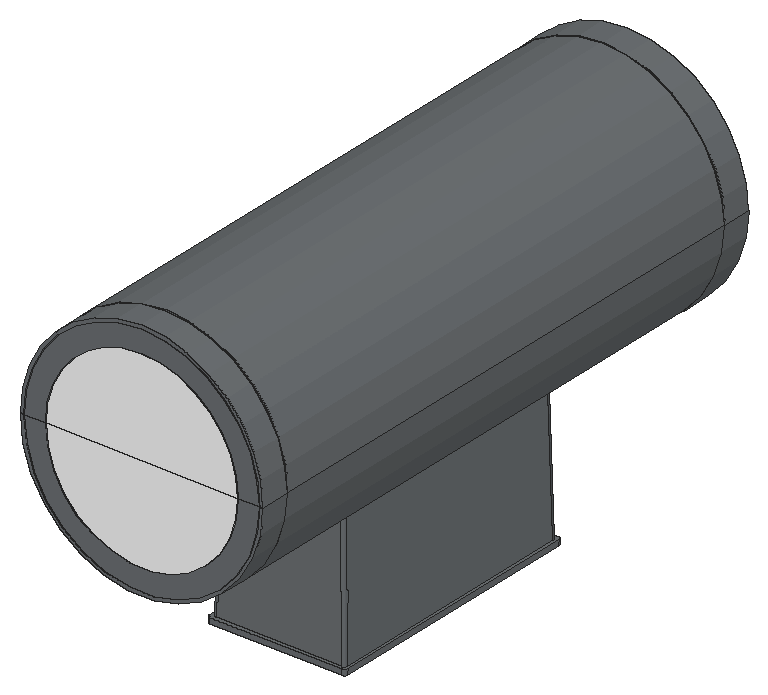
Revit family "Thorn CESAR AMP WALL", category Lighting Fixtures, host Face, Revit 2023 (continued)
Types (120, lengths in mm): name | Wattage | Up and Down | URL | Type Light Source Up | Type Light Source Down | Type Image | Model | Material | Luminaire Width | Luminaire Length | Luminaire Height | Housing S | Housing M | Housing L | E | D | Apparent Load
  CESAR AMP S DWN 1L930WB HF WH | 8.8 W | no | "https://www.thornlighting.com/96700042" | Thorn-Light Source-Cesar-Amp-Wall : CESAR AMP S DWN 1L930WB HF WH_photometric_data | Thorn-Light Source-Cesar-Amp-Wall : CESAR AMP S DWN 1L930WB HF WH_photometric_data | TLG_CESA_F_AMP_DWN_WB_WH.jpg | "96700042" | Thorn-Aluminium-RAL 9016-Traffic White | 90 | 145 | 250 | yes | no | no | 12 | 45 | 8.8 VA
  CESAR AMP S DWN 1L930WB RD ANT | 8.8 W | no | "https://www.thornlighting.com/96701197" | Thorn-Light Source-Cesar-Amp-Wall : CESAR AMP S DWN 1L930WB RD ANT_photometric_data | Thorn-Light Source-Cesar-Amp-Wall : CESAR AMP S DWN 1L930WB RD ANT_photometric_data | TLG_CESA_F_AMP_DWN_WB_ANT_DarkSkyApproved.jpg | "96701197" | Thorn-Aluminium-RAL 7016-Anthracite Grey | 90 | 145 | 250 | yes | no | no | 12 | 45 | 8.8 VA
  CESAR AMP S DWN 1L930WB RD BK | 8.8 W | no | "https://www.thornlighting.com/96701195" | Thorn-Light Source-Cesar-Amp-Wall : CESAR AMP S DWN 1L930WB RD BK_photometric_data | Thorn-Light Source-Cesar-Amp-Wall : CESAR AMP S DWN 1L930WB RD BK_photometric_data | TLG_CESA_F_AMP_DWN_WB_BK.jpg | "96701195" | Thorn-Aluminium-RAL 9005-Jet Black | 90 | 145 | 250 | yes | no | no | 12 | 45 | 8.8 VA
  CESAR AMP S DWN 1L930WB RD GY | 8.8 W | no | "https://www.thornlighting.com/96701196" | Thorn-Light Source-Cesar-Amp-Wall : CESAR AMP S DWN 1L930WB RD GY_photometric_data | Thorn-Light Source-Cesar-Amp-Wall : CESAR AMP S DWN 1L930WB RD GY_photometric_data | TLG_CESA_F_AMP_DWN_WB_GY.jpg | "96701196" | Thorn-Aluminium-RAL 9006-White Aluminium | 90 | 145 | 250 | yes | no | no | 12 | 45 | 8.8 VA
  CESAR AMP S DWN 1L930WB RD WH | 8.8 W | no | "https://www.thornlighting.com/96701194" | Thorn-Light Source-Cesar-Amp-Wall : CESAR AMP S DWN 1L930WB RD WH_photometric_data | Thorn-Light Source-Cesar-Amp-Wall : CESAR AMP S DWN 1L930WB RD WH_photometric_data | TLG_CESA_F_AMP_DWN_WB_WH.jpg | "96701194" | Thorn-Aluminium-RAL 9016-Traffic White | 90 | 145 | 250 | yes | no | no | 12 | 45 | 8.8 VA
  CESAR AMP S DWN 1L940WB HF ANT | 8.8 W | no | "https://www.thornlighting.com/96700041" | Thorn-Light Source-Cesar-Amp-Wall : CESAR AMP S DWN 1L940WB HF ANT_photometric_data | Thorn-Light Source-Cesar-Amp-Wall : CESAR AMP S DWN 1L940WB HF ANT_photometric_data | TLG_CESA_F_AMP_DWN_WB_ANT.jpg | "96700041" | Thorn-Aluminium-RAL 7016-Anthracite Grey | 90 | 145 | 250 | yes | no | no | 12 | 45 | 8.8 VA
  CESAR AMP S DWN 1L940WB HF BK | 8.8 W | no | "https://www.thornlighting.com/96700039" | Thorn-Light Source-Cesar-Amp-Wall : CESAR AMP S DWN 1L940WB HF BK_photometric_data | Thorn-Light Source-Cesar-Amp-Wall : CESAR AMP S DWN 1L940WB HF BK_photometric_data | TLG_CESA_F_AMP_DWN_WB_BK.jpg | "96700039" | Thorn-Aluminium-RAL 9005-Jet Black | 90 | 145 | 250 | yes | no | no | 12 | 45 | 8.8 VA
  CESAR AMP S DWN 1L940WB HF GY | 8.8 W | no | "https://www.thornlighting.com/96700040" | Thorn-Light Source-Cesar-Amp-Wall : CESAR AMP S DWN 1L940WB HF GY_photometric_data | Thorn-Light Source-Cesar-Amp-Wall : CESAR AMP S DWN 1L940WB HF GY_photometric_data | TLG_CESA_F_AMP_DWN_WB_GY.jpg | "96700040" | Thorn-Aluminium-RAL 9006-White Aluminium | 90 | 145 | 250 | yes | no | no | 12 | 45 | 8.8 VA
  CESAR AMP S DWN 1L940WB HF WH | 8.8 W | no | "https://www.thornlighting.com/96700038" | Thorn-Light Source-Cesar-Amp-Wall : CESAR AMP S DWN 1L940WB HF WH_photometric_data | Thorn-Light Source-Cesar-Amp-Wall : CESAR AMP S DWN 1L940WB HF WH_photometric_data | TLG_CESA_F_AMP_DWN_WB_WH.jpg | "96700038" | Thorn-Aluminium-RAL 9016-Traffic White | 90 | 145 | 250 | yes | no | no | 12 | 45 | 8.8 VA
  CESAR AMP S DWN 1L940WB RD ANT | 8.8 W | no | "https://www.thornlighting.com/96701193" | Thorn-Light Source-Cesar-Amp-Wall : CESAR AMP S DWN 1L940WB RD ANT_photometric_data | Thorn-Light Source-Cesar-Amp-Wall : CESAR AMP S DWN 1L940WB RD ANT_photometric_data | TLG_CESA_F_AMP_DWN_WB_ANT.jpg | "96701193" | Thorn-Aluminium-RAL 7016-Anthracite Grey | 90 | 145 | 250 | yes | no | no | 12 | 45 | 8.8 VA
  CESAR AMP S DWN 1L940WB RD BK | 8.8 W | no | "https://www.thornlighting.com/96701191" | Thorn-Light Source-Cesar-Amp-Wall : CESAR AMP S DWN 1L940WB RD BK_photometric_data | Thorn-Light Source-Cesar-Amp-Wall : CESAR AMP S DWN 1L940WB RD BK_photometric_data | TLG_CESA_F_AMP_DWN_WB_BK.jpg | "96701191" | Thorn-Aluminium-RAL 9005-Jet Black | 90 | 145 | 250 | yes | no | no | 12 | 45 | 8.8 VA
  CESAR AMP S DWN 1L940WB RD GY | 8.8 W | no | "https://www.thornlighting.com/96701192" | Thorn-Light Source-Cesar-Amp-Wall : CESAR AMP S DWN 1L940WB RD GY_photometric_data | Thorn-Light Source-Cesar-Amp-Wall : CESAR AMP S DWN 1L940WB RD GY_photometric_data | TLG_CESA_F_AMP_DWN_WB_GY.jpg | "96701192" | Thorn-Aluminium-RAL 9006-White Aluminium | 90 | 145 | 250 | yes | no | no | 12 | 45 | 8.8 VA
  CESAR AMP S DWN 1L940WB RD WH | 8.8 W | no | "https://www.thornlighting.com/96701190" | Thorn-Light Source-Cesar-Amp-Wall : CESAR AMP S DWN 1L940WB RD WH_photometric_data | Thorn-Light Source-Cesar-Amp-Wall : CESAR AMP S DWN 1L940WB RD WH_photometric_data | TLG_CESA_F_AMP_DWN_WB_WH.jpg | "96701190" | Thorn-Aluminium-RAL 9016-Traffic White | 90 | 145 | 250 | yes | no | no | 12 | 45 | 8.8 VA
  CESAR AMP S U/D 2L927WB HF ANT | 15.3 W | yes | "https://www.thornlighting.com/96700049" | Thorn-Light Source-Cesar-Amp-Wall : CESAR AMP S U/D 2L927WB HF ANT_photometric_data_UP | Thorn-Light Source-Cesar-Amp-Wall : CESAR AMP S U/D 2L927WB HF ANT_photometric_data_DOWN | TLG_CESA_F_AMP_UD_WB_ANT.jpg | "96700049" | Thorn-Aluminium-RAL 7016-Anthracite Grey | 90 | 145 | 250 | yes | no | no | 12 | 45 | 15.3 VA
  CESAR AMP S U/D 2L927WB HF BK | 15.3 W | yes | "https://www.thornlighting.com/96700047" | Thorn-Light Source-Cesar-Amp-Wall : CESAR AMP S U/D 2L927WB HF BK_photometric_data_UP | Thorn-Light Source-Cesar-Amp-Wall : CESAR AMP S U/D 2L927WB HF BK_photometric_data_DOWN | TLG_CESA_F_AMP_UD_WB_BK.jpg | "96700047" | Thorn-Aluminium-RAL 9005-Jet Black | 90 | 145 | 250 | yes | no | no | 12 | 45 | 15.3 VA
  CESAR AMP S U/D 2L927WB HF GY | 15.3 W | yes | "https://www.thornlighting.com/96700048" | Thorn-Light Source-Cesar-Amp-Wall : CESAR AMP S U/D 2L927WB HF GY_photometric_data_UP | Thorn-Light Source-Cesar-Amp-Wall : CESAR AMP S U/D 2L927WB HF GY_photometric_data_DOWN | TLG_CESA_F_AMP_UD_WB_GY.jpg | "96700048" | Thorn-Aluminium-RAL 9006-White Aluminium | 90 | 145 | 250 | yes | no | no | 12 | 45 | 15.3 VA
  CESAR AMP S U/D 2L927WB HF WH | 15.3 W | yes | "https://www.thornlighting.com/96700046" | Thorn-Light Source-Cesar-Amp-Wall : CESAR AMP S U/D 2L927WB HF WH_photometric_data_UP | Thorn-Light Source-Cesar-Amp-Wall : CESAR AMP S U/D 2L927WB HF WH_photometric_data_DOWN | TLG_CESA_F_AMP_UD_WB_WH.jpg | "96700046" | Thorn-Aluminium-RAL 9016-Traffic White | 90 | 145 | 250 | yes | no | no | 12 | 45 | 15.3 VA
  CESAR AMP S U/D 2L927WB RD ANT | 15.3 W | yes | "https://www.thornlighting.com/96701201" | Thorn-Light Source-Cesar-Amp-Wall : CESAR AMP S U/D 2L927WB RD ANT_photometric_data_UP | Thorn-Light Source-Cesar-Amp-Wall : CESAR AMP S U/D 2L927WB RD ANT_photometric_data_DOWN | TLG_CESA_F_AMP_UD_WB_ANT.jpg | "96701201" | Thorn-Aluminium-RAL 7016-Anthracite Grey | 90 | 145 | 250 | yes | no | no | 12 | 45 | 15.3 VA
  CESAR AMP S U/D 2L927WB RD BK | 15.3 W | yes | "https://www.thornlighting.com/96701199" | Thorn-Light Source-Cesar-Amp-Wall : CESAR AMP S U/D 2L927WB RD BK_photometric_data_UP | Thorn-Light Source-Cesar-Amp-Wall : CESAR AMP S U/D 2L927WB RD BK_photometric_data_DOWN | TLG_CESA_F_AMP_UD_WB_BK.jpg | "96701199" | Thorn-Aluminium-RAL 9005-Jet Black | 90 | 145 | 250 | yes | no | no | 12 | 45 | 15.3 VA
  CESAR AMP S U/D 2L927WB RD GY | 15.3 W | yes | "https://www.thornlighting.com/96701200" | Thorn-Light Source-Cesar-Amp-Wall : CESAR AMP S U/D 2L927WB RD GY_photometric_data_UP | Thorn-Light Source-Cesar-Amp-Wall : CESAR AMP S U/D 2L927WB RD GY_photometric_data_DOWN | TLG_CESA_F_AMP_UD_WB_GY.jpg | "96701200" | Thorn-Aluminium-RAL 9006-White Aluminium | 90 | 145 | 250 | yes | no | no | 12 | 45 | 15.3 VA
  CESAR AMP S U/D 2L927WB RD WH | 15.3 W | yes | "https://www.thornlighting.com/96701198" | Thorn-Light Source-Cesar-Amp-Wall : CESAR AMP S U/D 2L927WB RD WH_photometric_data_UP | Thorn-Light Source-Cesar-Amp-Wall : CESAR AMP S U/D 2L927WB RD WH_photometric_data_DOWN | TLG_CESA_F_AMP_UD_WB_WH.jpg | "96701198" | Thorn-Aluminium-RAL 9016-Traffic White | 90 | 145 | 250 | yes | no | no | 12 | 45 | 15.3 VA
  CESAR AMP S U/D 2L930WB HF ANT | 15.3 W | yes | "https://www.thornlighting.com/96700057" | Thorn-Light Source-Cesar-Amp-Wall : CESAR AMP S U/D 2L930WB HF ANT_photometric_data_UP | Thorn-Light Source-Cesar-Amp-Wall : CESAR AMP S U/D 2L930WB HF ANT_photometric_data_DOWN | TLG_CESA_F_AMP_UD_WB_ANT.jpg | "96700057" | Thorn-Aluminium-RAL 7016-Anthracite Grey | 90 | 145 | 250 | yes | no | no | 12 | 45 | 15.3 VA
  CESAR AMP S U/D 2L930WB HF BK | 15.3 W | yes | "https://www.thornlighting.com/96700055" | Thorn-Light Source-Cesar-Amp-Wall : CESAR AMP S U/D 2L930WB HF BK_photometric_data_UP | Thorn-Light Source-Cesar-Amp-Wall : CESAR AMP S U/D 2L930WB HF BK_photometric_data_DOWN | TLG_CESA_F_AMP_UD_WB_BK.jpg | "96700055" | Thorn-Aluminium-RAL 9005-Jet Black | 90 | 145 | 250 | yes | no | no | 12 | 45 | 15.3 VA
  CESAR AMP S U/D 2L930WB HF GY | 15.3 W | yes | "https://www.thornlighting.com/96700056" | Thorn-Light Source-Cesar-Amp-Wall : CESAR AMP S U/D 2L930WB HF GY_photometric_data_UP | Thorn-Light Source-Cesar-Amp-Wall : CESAR AMP S U/D 2L930WB HF GY_photometric_data_DOWN | TLG_CESA_F_AMP_UD_WB_GY.jpg | "96700056" | Thorn-Aluminium-RAL 9006-White Aluminium | 90 | 145 | 250 | yes | no | no | 12 | 45 | 15.3 VA
  CESAR AMP S U/D 2L930WB HF WH | 15.3 W | yes | "https://www.thornlighting.com/96700054" | Thorn-Light Source-Cesar-Amp-Wall : CESAR AMP S U/D 2L930WB HF WH_photometric_data_UP | Thorn-Light Source-Cesar-Amp-Wall : CESAR AMP S U/D 2L930WB HF WH_photometric_data_DOWN | TLG_CESA_F_AMP_UD_WB_WH.jpg | "96700054" | Thorn-Aluminium-RAL 9016-Traffic White | 90 | 145 | 250 | yes | no | no | 12 | 45 | 15.3 VA
  CESAR AMP S U/D 2L930WB RD ANT | 15.3 W | yes | "https://www.thornlighting.com/96701209" | Thorn-Light Source-Cesar-Amp-Wall : CESAR AMP S U/D 2L930WB RD ANT_photometric_data_UP | Thorn-Light Source-Cesar-Amp-Wall : CESAR AMP S U/D 2L930WB RD ANT_photometric_data_DOWN | TLG_CESA_F_AMP_UD_WB_ANT.jpg | "96701209" | Thorn-Aluminium-RAL 7016-Anthracite Grey | 90 | 145 | 250 | yes | no | no | 12 | 45 | 15.3 VA
  CESAR AMP S U/D 2L930WB RD BK | 15.3 W | yes | "https://www.thornlighting.com/96701207" | Thorn-Light Source-Cesar-Amp-Wall : CESAR AMP S U/D 2L930WB RD BK_photometric_data_UP | Thorn-Light Source-Cesar-Amp-Wall : CESAR AMP S U/D 2L930WB RD BK_photometric_data_DOWN | TLG_CESA_F_AMP_UD_WB_BK.jpg | "96701207" | Thorn-Aluminium-RAL 9005-Jet Black | 90 | 145 | 250 | yes | no | no | 12 | 45 | 15.3 VA
  CESAR AMP S U/D 2L930WB RD GY | 15.3 W | yes | "https://www.thornlighting.com/96701208" | Thorn-Light Source-Cesar-Amp-Wall : CESAR AMP S U/D 2L930WB RD GY_photometric_data_UP | Thorn-Light Source-Cesar-Amp-Wall : CESAR AMP S U/D 2L930WB RD GY_photometric_data_DOWN | TLG_CESA_F_AMP_UD_WB_GY.jpg | "96701208" | Thorn-Aluminium-RAL 9006-White Aluminium | 90 | 145 | 250 | yes | no | no | 12 | 45 | 15.3 VA
  CESAR AMP S U/D 2L930WB RD WH | 15.3 W | yes | "https://www.thornlighting.com/96701206" | Thorn-Light Source-Cesar-Amp-Wall : CESAR AMP S U/D 2L930WB RD WH_photometric_data_UP | Thorn-Light Source-Cesar-Amp-Wall : CESAR AMP S U/D 2L930WB RD WH_photometric_data_DOWN | TLG_CESA_F_AMP_UD_WB_WH.jpg | "96701206" | Thorn-Aluminium-RAL 9016-Traffic White | 90 | 145 | 250 | yes | no | no | 12 | 45 | 15.3 VA
  CESAR AMP S U/D 2L940WB HF ANT | 15.3 W | yes | "https://www.thornlighting.com/96700053" | Thorn-Light Source-Cesar-Amp-Wall : CESAR AMP S U/D 2L940WB HF ANT_photometric_data_UP | Thorn-Light Source-Cesar-Amp-Wall : CESAR AMP S U/D 2L940WB HF ANT_photometric_data_DOWN | TLG_CESA_F_AMP_UD_WB_ANT.jpg | "96700053" | Thorn-Aluminium-RAL 7016-Anthracite Grey | 90 | 145 | 250 | yes | no | no | 12 | 45 | 15.3 VA
  CESAR AMP S U/D 2L940WB HF BK | 15.3 W | yes | "https://www.thornlighting.com/96700051" | Thorn-Light Source-Cesar-Amp-Wall : CESAR AMP S U/D 2L940WB HF BK_photometric_data_UP | Thorn-Light Source-Cesar-Amp-Wall : CESAR AMP S U/D 2L940WB HF BK_photometric_data_DOWN | TLG_CESA_F_AMP_UD_WB_BK.jpg | "96700051" | Thorn-Aluminium-RAL 9005-Jet Black | 90 | 145 | 250 | yes | no | no | 12 | 45 | 15.3 VA
  CESAR AMP S U/D 2L940WB HF GY | 15.3 W | yes | "https://www.thornlighting.com/96700052" | Thorn-Light Source-Cesar-Amp-Wall : CESAR AMP S U/D 2L940WB HF GY_photometric_data_UP | Thorn-Light Source-Cesar-Amp-Wall : CESAR AMP S U/D 2L940WB HF GY_photometric_data_DOWN | TLG_CESA_F_AMP_UD_WB_GY.jpg | "96700052" | Thorn-Aluminium-RAL 9006-White Aluminium | 90 | 145 | 250 | yes | no | no | 12 | 45 | 15.3 VA
  CESAR AMP S U/D 2L940WB HF WH | 15.3 W | yes | "https://www.thornlighting.com/96700050" | Thorn-Light Source-Cesar-Amp-Wall : CESAR AMP S U/D 2L940WB HF WH_photometric_data_UP | Thorn-Light Source-Cesar-Amp-Wall : CESAR AMP S U/D 2L940WB HF WH_photometric_data_DOWN | TLG_CESA_F_AMP_UD_WB_WH.jpg | "96700050" | Thorn-Aluminium-RAL 9016-Traffic White | 90 | 145 | 250 | yes | no | no | 12 | 45 | 15.3 VA
  CESAR AMP S U/D 2L940WB RD ANT | 15.3 W | yes | "https://www.thornlighting.com/96701205" | Thorn-Light Source-Cesar-Amp-Wall : CESAR AMP S U/D 2L940WB RD ANT_photometric_data_UP | Thorn-Light Source-Cesar-Amp-Wall : CESAR AMP S U/D 2L940WB RD ANT_photometric_data_DOWN | TLG_CESA_F_AMP_UD_WB_ANT.jpg | "96701205" | Thorn-Aluminium-RAL 7016-Anthracite Grey | 90 | 145 | 250 | yes | no | no | 12 | 45 | 15.3 VA
  CESAR AMP S U/D 2L940WB RD BK | 15.3 W | yes | "https://www.thornlighting.com/96701203" | Thorn-Light Source-Cesar-Amp-Wall : CESAR AMP S U/D 2L940WB RD BK_photometric_data_UP | Thorn-Light Source-Cesar-Amp-Wall : CESAR AMP S U/D 2L940WB RD BK_photometric_data_DOWN | TLG_CESA_F_AMP_UD_WB_BK.jpg | "96701203" | Thorn-Aluminium-RAL 9005-Jet Black | 90 | 145 | 250 | yes | no | no | 12 | 45 | 15.3 VA
  CESAR AMP S U/D 2L940WB RD GY | 15.3 W | yes | "https://www.thornlighting.com/96701204" | Thorn-Light Source-Cesar-Amp-Wall : CESAR AMP S U/D 2L940WB RD GY_photometric_data_UP | Thorn-Light Source-Cesar-Amp-Wall : CESAR AMP S U/D 2L940WB RD GY_photometric_data_DOWN | TLG_CESA_F_AMP_UD_WB_GY.jpg | "96701204" | Thorn-Aluminium-RAL 9006-White Aluminium | 90 | 145 | 250 | yes | no | no | 12 | 45 | 15.3 VA
  CESAR AMP S U/D 2L940WB RD WH | 15.3 W | yes | "https://www.thornlighting.com/96701202" | Thorn-Light Source-Cesar-Amp-Wall : CESAR AMP S U/D 2L940WB RD WH_photometric_data_UP | Thorn-Light Source-Cesar-Amp-Wall : CESAR AMP S U/D 2L940WB RD WH_photometric_data_DOWN | TLG_CESA_F_AMP_UD_WB_WH.jpg | "96701202" | Thorn-Aluminium-RAL 9016-Traffic White | 90 | 145 | 250 | yes | no | no | 12 | 45 | 15.3 VA
  CESAR AMP M DWN 1L927MB HF ANT | 18.6 W | no | "https://www.thornlighting.com/96700073" | Thorn-Light Source-Cesar-Amp-Wall : CESAR AMP M DWN 1L927MB HF ANT_photometric_data | Thorn-Light Source-Cesar-Amp-Wall : CESAR AMP M DWN 1L927MB HF ANT_photometric_data | TLG_CESA_F_AMP_DWN_WB_ANT.jpg | "96700073" | Thorn-Aluminium-RAL 7016-Anthracite Grey | 140 | 210 | 350 | no | yes | no | 17 | 70 | 18.6 VA
  CESAR AMP M DWN 1L927MB HF BK | 18.6 W | no | "https://www.thornlighting.com/96700071" | Thorn-Light Source-Cesar-Amp-Wall : CESAR AMP M DWN 1L927MB HF BK_photometric_data | Thorn-Light Source-Cesar-Amp-Wall : CESAR AMP M DWN 1L927MB HF BK_photometric_data | TLG_CESA_F_AMP_DWN_WB_BK.jpg | "96700071" | Thorn-Aluminium-RAL 9005-Jet Black | 140 | 210 | 350 | no | yes | no | 17 | 70 | 18.6 VA
  CESAR AMP M DWN 1L927MB HF GY | 18.6 W | no | "https://www.thornlighting.com/96700072" | Thorn-Light Source-Cesar-Amp-Wall : CESAR AMP M DWN 1L927MB HF GY_photometric_data | Thorn-Light Source-Cesar-Amp-Wall : CESAR AMP M DWN 1L927MB HF GY_photometric_data | TLG_CESA_F_AMP_DWN_WB_GY.jpg | "96700072" | Thorn-Aluminium-RAL 9006-White Aluminium | 140 | 210 | 350 | no | yes | no | 17 | 70 | 18.6 VA
  CESAR AMP M DWN 1L927MB HF WH | 18.6 W | no | "https://www.thornlighting.com/96700070" | Thorn-Light Source-Cesar-Amp-Wall : CESAR AMP M DWN 1L927MB HF WH_photometric_data | Thorn-Light Source-Cesar-Amp-Wall : CESAR AMP M DWN 1L927MB HF WH_photometric_data | TLG_CESA_F_AMP_DWN_WB_WH.jpg | "96700070" | Thorn-Aluminium-RAL 9016-Traffic White | 140 | 210 | 350 | no | yes | no | 17 | 70 | 18.6 VA
  CESAR AMP M DWN 1L927MB RD ANT | 18.6 W | no | "https://www.thornlighting.com/96701225" | Thorn-Light Source-Cesar-Amp-Wall : CESAR AMP M DWN 1L927MB RD ANT_photometric_data | Thorn-Light Source-Cesar-Amp-Wall : CESAR AMP M DWN 1L927MB RD ANT_photometric_data | TLG_CESA_F_AMP_DWN_WB_ANT_DarkSkyApproved.jpg | "96701225" | Thorn-Aluminium-RAL 7016-Anthracite Grey | 140 | 210 | 350 | no | yes | no | 17 | 70 | 18.6 VA
  CESAR AMP M DWN 1L927MB RD BK | 18.6 W | no | "https://www.thornlighting.com/96701223" | Thorn-Light Source-Cesar-Amp-Wall : CESAR AMP M DWN 1L927MB RD BK_photometric_data | Thorn-Light Source-Cesar-Amp-Wall : CESAR AMP M DWN 1L927MB RD BK_photometric_data | TLG_CESA_F_AMP_DWN_WB_BK.jpg | "96701223" | Thorn-Aluminium-RAL 9005-Jet Black | 140 | 210 | 350 | no | yes | no | 17 | 70 | 18.6 VA
  CESAR AMP M DWN 1L927MB RD GY | 18.6 W | no | "https://www.thornlighting.com/96701224" | Thorn-Light Source-Cesar-Amp-Wall : CESAR AMP M DWN 1L927MB RD GY_photometric_data | Thorn-Light Source-Cesar-Amp-Wall : CESAR AMP M DWN 1L927MB RD GY_photometric_data | TLG_CESA_F_AMP_DWN_WB_GY.jpg | "96701224" | Thorn-Aluminium-RAL 9006-White Aluminium | 140 | 210 | 350 | no | yes | no | 17 | 70 | 18.6 VA
  CESAR AMP M DWN 1L927MB RD WH | 18.6 W | no | "https://www.thornlighting.com/96701222" | Thorn-Light Source-Cesar-Amp-Wall : CESAR AMP M DWN 1L927MB RD WH_photometric_data | Thorn-Light Source-Cesar-Amp-Wall : CESAR AMP M DWN 1L927MB RD WH_photometric_data | TLG_CESA_F_AMP_DWN_WB_WH.jpg | "96701222" | Thorn-Aluminium-RAL 9016-Traffic White | 140 | 210 | 350 | no | yes | no | 17 | 70 | 18.6 VA
  CESAR AMP M DWN 1L930MB HF ANT | 18.6 W | no | "https://www.thornlighting.com/96700081" | Thorn-Light Source-Cesar-Amp-Wall : CESAR AMP M DWN 1L930MB HF ANT_photometric_data | Thorn-Light Source-Cesar-Amp-Wall : CESAR AMP M DWN 1L930MB HF ANT_photometric_data | TLG_CESA_F_AMP_DWN_WB_ANT.jpg | "96700081" | Thorn-Aluminium-RAL 7016-Anthracite Grey | 140 | 210 | 350 | no | yes | no | 17 | 70 | 18.6 VA
  CESAR AMP M DWN 1L930MB HF BK | 18.6 W | no | "https://www.thornlighting.com/96700079" | Thorn-Light Source-Cesar-Amp-Wall : CESAR AMP M DWN 1L930MB HF BK_photometric_data | Thorn-Light Source-Cesar-Amp-Wall : CESAR AMP M DWN 1L930MB HF BK_photometric_data | TLG_CESA_F_AMP_DWN_WB_BK.jpg | "96700079" | Thorn-Aluminium-RAL 9005-Jet Black | 140 | 210 | 350 | no | yes | no | 17 | 70 | 18.6 VA
  CESAR AMP M DWN 1L930MB HF GY | 18.6 W | no | "https://www.thornlighting.com/96700080" | Thorn-Light Source-Cesar-Amp-Wall : CESAR AMP M DWN 1L930MB HF GY_photometric_data | Thorn-Light Source-Cesar-Amp-Wall : CESAR AMP M DWN 1L930MB HF GY_photometric_data | TLG_CESA_F_AMP_DWN_WB_GY.jpg | "96700080" | Thorn-Aluminium-RAL 9006-White Aluminium | 140 | 210 | 350 | no | yes | no | 17 | 70 | 18.6 VA
  CESAR AMP M DWN 1L930MB HF WH | 18.6 W | no | "https://www.thornlighting.com/96700078" | Thorn-Light Source-Cesar-Amp-Wall : CESAR AMP M DWN 1L930MB HF WH_photometric_data | Thorn-Light Source-Cesar-Amp-Wall : CESAR AMP M DWN 1L930MB HF WH_photometric_data | TLG_CESA_F_AMP_DWN_WB_WH.jpg | "96700078" | Thorn-Aluminium-RAL 9016-Traffic White | 140 | 210 | 350 | no | yes | no | 17 | 70 | 18.6 VA
  CESAR AMP M DWN 1L930MB RD ANT | 18.6 W | no | "https://www.thornlighting.com/96701233" | Thorn-Light Source-Cesar-Amp-Wall : CESAR AMP M DWN 1L930MB RD ANT_photometric_data | Thorn-Light Source-Cesar-Amp-Wall : CESAR AMP M DWN 1L930MB RD ANT_photometric_data | TLG_CESA_F_AMP_DWN_WB_ANT.jpg | "96701233" | Thorn-Aluminium-RAL 7016-Anthracite Grey | 140 | 210 | 350 | no | yes | no | 17 | 70 | 18.6 VA
  CESAR AMP M DWN 1L930MB RD BK | 18.6 W | no | "https://www.thornlighting.com/96701231" | Thorn-Light Source-Cesar-Amp-Wall : CESAR AMP M DWN 1L930MB RD BK_photometric_data | Thorn-Light Source-Cesar-Amp-Wall : CESAR AMP M DWN 1L930MB RD BK_photometric_data | TLG_CESA_F_AMP_DWN_WB_BK.jpg | "96701231" | Thorn-Aluminium-RAL 9005-Jet Black | 140 | 210 | 350 | no | yes | no | 17 | 70 | 18.6 VA
  CESAR AMP M DWN 1L930MB RD GY | 18.6 W | no | "https://www.thornlighting.com/96701232" | Thorn-Light Source-Cesar-Amp-Wall : CESAR AMP M DWN 1L930MB RD GY_photometric_data | Thorn-Light Source-Cesar-Amp-Wall : CESAR AMP M DWN 1L930MB RD GY_photometric_data | TLG_CESA_F_AMP_DWN_WB_GY.jpg | "96701232" | Thorn-Aluminium-RAL 9006-White Aluminium | 140 | 210 | 350 | no | yes | no | 17 | 70 | 18.6 VA
  CESAR AMP M DWN 1L930MB RD WH | 18.6 W | no | "https://www.thornlighting.com/96701230" | Thorn-Light Source-Cesar-Amp-Wall : CESAR AMP M DWN 1L930MB RD WH_photometric_data | Thorn-Light Source-Cesar-Amp-Wall : CESAR AMP M DWN 1L930MB RD WH_photometric_data | TLG_CESA_F_AMP_DWN_WB_WH.jpg | "96701230" | Thorn-Aluminium-RAL 9016-Traffic White | 140 | 210 | 350 | no | yes | no | 17 | 70 | 18.6 VA
  CESAR AMP M DWN 1L940MB HF ANT | 18.6 W | no | "https://www.thornlighting.com/96700077" | Thorn-Light Source-Cesar-Amp-Wall : CESAR AMP M DWN 1L940MB HF ANT_photometric_data | Thorn-Light Source-Cesar-Amp-Wall : CESAR AMP M DWN 1L940MB HF ANT_photometric_data | TLG_CESA_F_AMP_DWN_WB_ANT.jpg | "96700077" | Thorn-Aluminium-RAL 7016-Anthracite Grey | 140 | 210 | 350 | no | yes | no | 17 | 70 | 18.6 VA
  CESAR AMP M DWN 1L940MB HF BK | 18.6 W | no | "https://www.thornlighting.com/96700075" | Thorn-Light Source-Cesar-Amp-Wall : CESAR AMP M DWN 1L940MB HF BK_photometric_data | Thorn-Light Source-Cesar-Amp-Wall : CESAR AMP M DWN 1L940MB HF BK_photometric_data | TLG_CESA_F_AMP_DWN_WB_BK.jpg | "96700075" | Thorn-Aluminium-RAL 9005-Jet Black | 140 | 210 | 350 | no | yes | no | 17 | 70 | 18.6 VA
  CESAR AMP M DWN 1L940MB HF GY | 18.6 W | no | "https://www.thornlighting.com/96700076" | Thorn-Light Source-Cesar-Amp-Wall : CESAR AMP M DWN 1L940MB HF GY_photometric_data | Thorn-Light Source-Cesar-Amp-Wall : CESAR AMP M DWN 1L940MB HF GY_photometric_data | TLG_CESA_F_AMP_DWN_WB_GY.jpg | "96700076" | Thorn-Aluminium-RAL 9006-White Aluminium | 140 | 210 | 350 | no | yes | no | 17 | 70 | 18.6 VA
  CESAR AMP M DWN 1L940MB HF WH | 18.6 W | no | "https://www.thornlighting.com/96700074" | Thorn-Light Source-Cesar-Amp-Wall : CESAR AMP M DWN 1L940MB HF WH_photometric_data | Thorn-Light Source-Cesar-Amp-Wall : CESAR AMP M DWN 1L940MB HF WH_photometric_data | TLG_CESA_F_AMP_DWN_WB_WH.jpg | "96700074" | Thorn-Aluminium-RAL 9016-Traffic White | 140 | 210 | 350 | no | yes | no | 17 | 70 | 18.6 VA
  CESAR AMP M DWN 1L940MB RD ANT | 18.6 W | no | "https://www.thornlighting.com/96701229" | Thorn-Light Source-Cesar-Amp-Wall : CESAR AMP M DWN 1L940MB RD ANT_photometric_data | Thorn-Light Source-Cesar-Amp-Wall : CESAR AMP M DWN 1L940MB RD ANT_photometric_data | TLG_CESA_F_AMP_DWN_WB_ANT.jpg | "96701229" | Thorn-Aluminium-RAL 7016-Anthracite Grey | 140 | 210 | 350 | no | yes | no | 17 | 70 | 18.6 VA
  CESAR AMP M DWN 1L940MB RD BK | 18.6 W | no | "https://www.thornlighting.com/96701227" | Thorn-Light Source-Cesar-Amp-Wall : CESAR AMP M DWN 1L940MB RD BK_photometric_data | Thorn-Light Source-Cesar-Amp-Wall : CESAR AMP M DWN 1L940MB RD BK_photometric_data | TLG_CESA_F_AMP_DWN_WB_BK.jpg | "96701227" | Thorn-Aluminium-RAL 9005-Jet Black | 140 | 210 | 350 | no | yes | no | 17 | 70 | 18.6 VA
  CESAR AMP M DWN 1L940MB RD GY | 18.6 W | no | "https://www.thornlighting.com/96701228" | Thorn-Light Source-Cesar-Amp-Wall : CESAR AMP M DWN 1L940MB RD GY_photometric_data | Thorn-Light Source-Cesar-Amp-Wall : CESAR AMP M DWN 1L940MB RD GY_photometric_data | TLG_CESA_F_AMP_DWN_WB_GY.jpg | "96701228" | Thorn-Aluminium-RAL 9006-White Aluminium | 140 | 210 | 350 | no | yes | no | 17 | 70 | 18.6 VA
  CESAR AMP M DWN 1L940MB RD WH | 18.6 W | no | "https://www.thornlighting.com/96701226" | Thorn-Light Source-Cesar-Amp-Wall : CESAR AMP M DWN 1L940MB RD WH_photometric_data | Thorn-Light Source-Cesar-Amp-Wall : CESAR AMP M DWN 1L940MB RD WH_photometric_data | TLG_CESA_F_AMP_DWN_WB_WH.jpg | "96701226" | Thorn-Aluminium-RAL 9016-Traffic White | 140 | 210 | 350 | no | yes | no | 17 | 70 | 18.6 VA
  CESAR AMP M U/D 2L927MB HF ANT | 37 W | yes | "https://www.thornlighting.com/96700085" | Thorn-Light Source-Cesar-Amp-Wall : CESAR AMP M U/D 2L927MB HF ANT_photometric_data_UP | Thorn-Light Source-Cesar-Amp-Wall : CESAR AMP M U/D 2L927MB HF ANT_photometric_data_DOWN | TLG_CESA_F_AMP_UD_WB_ANT.jpg | "96700085" | Thorn-Aluminium-RAL 7016-Anthracite Grey | 140 | 210 | 350 | no | yes | no | 17 | 70 | 37 VA
  CESAR AMP M U/D 2L927MB HF BK | 37 W | yes | "https://www.thornlighting.com/96700083" | Thorn-Light Source-Cesar-Amp-Wall : CESAR AMP M U/D 2L927MB HF BK_photometric_data_UP | Thorn-Light Source-Cesar-Amp-Wall : CESAR AMP M U/D 2L927MB HF BK_photometric_data_DOWN | TLG_CESA_F_AMP_UD_WB_BK.jpg | "96700083" | Thorn-Aluminium-RAL 9005-Jet Black | 140 | 210 | 350 | no | yes | no | 17 | 70 | 37 VA
  CESAR AMP M U/D 2L927MB HF GY | 37 W | yes | "https://www.thornlighting.com/96700084" | Thorn-Light Source-Cesar-Amp-Wall : CESAR AMP M U/D 2L927MB HF GY_photometric_data_UP | Thorn-Light Source-Cesar-Amp-Wall : CESAR AMP M U/D 2L927MB HF GY_photometric_data_DOWN | TLG_CESA_F_AMP_UD_WB_GY.jpg | "96700084" | Thorn-Aluminium-RAL 9006-White Aluminium | 140 | 210 | 350 | no | yes | no | 17 | 70 | 37 VA
  CESAR AMP M U/D 2L927MB HF WH | 37 W | yes | "https://www.thornlighting.com/96700082" | Thorn-Light Source-Cesar-Amp-Wall : CESAR AMP M U/D 2L927MB HF WH_photometric_data_UP | Thorn-Light Source-Cesar-Amp-Wall : CESAR AMP M U/D 2L927MB HF WH_photometric_data_DOWN | TLG_CESA_F_AMP_UD_WB_WH.jpg | "96700082" | Thorn-Aluminium-RAL 9016-Traffic White | 140 | 210 | 350 | no | yes | no | 17 | 70 | 37 VA
  CESAR AMP M U/D 2L927MB RD ANT | 37 W | yes | "https://www.thornlighting.com/96701237" | Thorn-Light Source-Cesar-Amp-Wall : CESAR AMP M U/D 2L927MB RD ANT_photometric_data_UP | Thorn-Light Source-Cesar-Amp-Wall : CESAR AMP M U/D 2L927MB RD ANT_photometric_data_DOWN | TLG_CESA_F_AMP_UD_WB_ANT.jpg | "96701237" | Thorn-Aluminium-RAL 7016-Anthracite Grey | 140 | 210 | 350 | no | yes | no | 17 | 70 | 37 VA
  CESAR AMP M U/D 2L927MB RD BK | 37 W | yes | "https://www.thornlighting.com/96701235" | Thorn-Light Source-Cesar-Amp-Wall : CESAR AMP M U/D 2L927MB RD BK_photometric_data_UP | Thorn-Light Source-Cesar-Amp-Wall : CESAR AMP M U/D 2L927MB RD BK_photometric_data_DOWN | TLG_CESA_F_AMP_UD_WB_BK.jpg | "96701235" | Thorn-Aluminium-RAL 9005-Jet Black | 140 | 210 | 350 | no | yes | no | 17 | 70 | 37 VA
  CESAR AMP M U/D 2L927MB RD GY | 37 W | yes | "https://www.thornlighting.com/96701236" | Thorn-Light Source-Cesar-Amp-Wall : CESAR AMP M U/D 2L927MB RD GY_photometric_data_UP | Thorn-Light Source-Cesar-Amp-Wall : CESAR AMP M U/D 2L927MB RD GY_photometric_data_DOWN | TLG_CESA_F_AMP_UD_WB_GY.jpg | "96701236" | Thorn-Aluminium-RAL 9006-White Aluminium | 140 | 210 | 350 | no | yes | no | 17 | 70 | 37 VA
  CESAR AMP M U/D 2L927MB RD WH | 37 W | yes | "https://www.thornlighting.com/96701234" | Thorn-Light Source-Cesar-Amp-Wall : CESAR AMP M U/D 2L927MB RD WH_photometric_data_UP | Thorn-Light Source-Cesar-Amp-Wall : CESAR AMP M U/D 2L927MB RD WH_photometric_data_DOWN | TLG_CESA_F_AMP_UD_WB_WH.jpg | "96701234" | Thorn-Aluminium-RAL 9016-Traffic White | 140 | 210 | 350 | no | yes | no | 17 | 70 | 37 VA
  CESAR AMP M U/D 2L930MB HF ANT | 37 W | yes | "https://www.thornlighting.com/96700093" | Thorn-Light Source-Cesar-Amp-Wall : CESAR AMP M U/D 2L930MB HF ANT_photometric_data_UP | Thorn-Light Source-Cesar-Amp-Wall : CESAR AMP M U/D 2L930MB HF ANT_photometric_data_DOWN | TLG_CESA_F_AMP_UD_WB_ANT.jpg | "96700093" | Thorn-Aluminium-RAL 7016-Anthracite Grey | 140 | 210 | 350 | no | yes | no | 17 | 70 | 37 VA
  CESAR AMP M U/D 2L930MB HF BK | 37 W | yes | "https://www.thornlighting.com/96700091" | Thorn-Light Source-Cesar-Amp-Wall : CESAR AMP M U/D 2L930MB HF BK_photometric_data_UP | Thorn-Light Source-Cesar-Amp-Wall : CESAR AMP M U/D 2L930MB HF BK_photometric_data_DOWN | TLG_CESA_F_AMP_UD_WB_BK.jpg | "96700091" | Thorn-Aluminium-RAL 9005-Jet Black | 140 | 210 | 350 | no | yes | no | 17 | 70 | 37 VA
  CESAR AMP M U/D 2L930MB HF GY | 37 W | yes | "https://www.thornlighting.com/96700092" | Thorn-Light Source-Cesar-Amp-Wall : CESAR AMP M U/D 2L930MB HF GY_photometric_data_UP | Thorn-Light Source-Cesar-Amp-Wall : CESAR AMP M U/D 2L930MB HF GY_photometric_data_DOWN | TLG_CESA_F_AMP_UD_WB_GY.jpg | "96700092" | Thorn-Aluminium-RAL 9006-White Aluminium | 140 | 210 | 350 | no | yes | no | 17 | 70 | 37 VA
  CESAR AMP M U/D 2L930MB HF WH | 37 W | yes | "https://www.thornlighting.com/96700090" | Thorn-Light Source-Cesar-Amp-Wall : CESAR AMP M U/D 2L930MB HF WH_photometric_data_UP | Thorn-Light Source-Cesar-Amp-Wall : CESAR AMP M U/D 2L930MB HF WH_photometric_data_DOWN | TLG_CESA_F_AMP_UD_WB_WH.jpg | "96700090" | Thorn-Aluminium-RAL 9016-Traffic White | 140 | 210 | 350 | no | yes | no | 17 | 70 | 37 VA
  CESAR AMP M U/D 2L930MB RD ANT | 37 W | yes | "https://www.thornlighting.com/96701245" | Thorn-Light Source-Cesar-Amp-Wall : CESAR AMP M U/D 2L930MB RD ANT_photometric_data_UP | Thorn-Light Source-Cesar-Amp-Wall : CESAR AMP M U/D 2L930MB RD ANT_photometric_data_DOWN | TLG_CESA_F_AMP_UD_WB_ANT.jpg | "96701245" | Thorn-Aluminium-RAL 7016-Anthracite Grey | 140 | 210 | 350 | no | yes | no | 17 | 70 | 37 VA
  CESAR AMP M U/D 2L930MB RD BK | 37 W | yes | "https://www.thornlighting.com/96701243" | Thorn-Light Source-Cesar-Amp-Wall : CESAR AMP M U/D 2L930MB RD BK_photometric_data_UP | Thorn-Light Source-Cesar-Amp-Wall : CESAR AMP M U/D 2L930MB RD BK_photometric_data_DOWN | TLG_CESA_F_AMP_UD_WB_BK.jpg | "96701243" | Thorn-Aluminium-RAL 9005-Jet Black | 140 | 210 | 350 | no | yes | no | 17 | 70 | 37 VA
  CESAR AMP M U/D 2L930MB RD GY | 37 W | yes | "https://www.thornlighting.com/96701244" | Thorn-Light Source-Cesar-Amp-Wall : CESAR AMP M U/D 2L930MB RD GY_photometric_data_UP | Thorn-Light Source-Cesar-Amp-Wall : CESAR AMP M U/D 2L930MB RD GY_photometric_data_DOWN | TLG_CESA_F_AMP_UD_WB_GY.jpg | "96701244" | Thorn-Aluminium-RAL 9006-White Aluminium | 140 | 210 | 350 | no | yes | no | 17 | 70 | 37 VA
  CESAR AMP M U/D 2L930MB RD WH | 37 W | yes | "https://www.thornlighting.com/96701242" | Thorn-Light Source-Cesar-Amp-Wall : CESAR AMP M U/D 2L930MB RD WH_photometric_data_UP | Thorn-Light Source-Cesar-Amp-Wall : CESAR AMP M U/D 2L930MB RD WH_photometric_data_DOWN | TLG_CESA_F_AMP_UD_WB_WH.jpg | "96701242" | Thorn-Aluminium-RAL 9016-Traffic White | 140 | 210 | 350 | no | yes | no | 17 | 70 | 37 VA
  CESAR AMP M U/D 2L940MB HF ANT | 37 W | yes | "https://www.thornlighting.com/96700089" | Thorn-Light Source-Cesar-Amp-Wall : CESAR AMP M U/D 2L940MB HF ANT_photometric_data_UP | Thorn-Light Source-Cesar-Amp-Wall : CESAR AMP M U/D 2L940MB HF ANT_photometric_data_DOWN | TLG_CESA_F_AMP_UD_WB_ANT.jpg | "96700089" | Thorn-Aluminium-RAL 7016-Anthracite Grey | 140 | 210 | 350 | no | yes | no | 17 | 70 | 37 VA
  CESAR AMP M U/D 2L940MB HF BK | 37 W | yes | "https://www.thornlighting.com/96700087" | Thorn-Light Source-Cesar-Amp-Wall : CESAR AMP M U/D 2L940MB HF BK_photometric_data_UP | Thorn-Light Source-Cesar-Amp-Wall : CESAR AMP M U/D 2L940MB HF BK_photometric_data_DOWN | TLG_CESA_F_AMP_UD_WB_BK.jpg | "96700087" | Thorn-Aluminium-RAL 9005-Jet Black | 140 | 210 | 350 | no | yes | no | 17 | 70 | 37 VA
  CESAR AMP M U/D 2L940MB HF GY | 37 W | yes | "https://www.thornlighting.com/96700088" | Thorn-Light Source-Cesar-Amp-Wall : CESAR AMP M U/D 2L940MB HF GY_photometric_data_UP | Thorn-Light Source-Cesar-Amp-Wall : CESAR AMP M U/D 2L940MB HF GY_photometric_data_DOWN | TLG_CESA_F_AMP_UD_WB_GY.jpg | "96700088" | Thorn-Aluminium-RAL 9006-White Aluminium | 140 | 210 | 350 | no | yes | no | 17 | 70 | 37 VA
  CESAR AMP M U/D 2L940MB HF WH | 37 W | yes | "https://www.thornlighting.com/96700086" | Thorn-Light Source-Cesar-Amp-Wall : CESAR AMP M U/D 2L940MB HF WH_photometric_data_UP | Thorn-Light Source-Cesar-Amp-Wall : CESAR AMP M U/D 2L940MB HF WH_photometric_data_DOWN | TLG_CESA_F_AMP_UD_WB_WH.jpg | "96700086" | Thorn-Aluminium-RAL 9016-Traffic White | 140 | 210 | 350 | no | yes | no | 17 | 70 | 37 VA
  CESAR AMP M U/D 2L940MB RD ANT | 37 W | yes | "https://www.thornlighting.com/96701241" | Thorn-Light Source-Cesar-Amp-Wall : CESAR AMP M U/D 2L940MB RD ANT_photometric_data_UP | Thorn-Light Source-Cesar-Amp-Wall : CESAR AMP M U/D 2L940MB RD ANT_photometric_data_DOWN | TLG_CESA_F_AMP_UD_WB_ANT.jpg | "96701241" | Thorn-Aluminium-RAL 7016-Anthracite Grey | 140 | 210 | 350 | no | yes | no | 17 | 70 | 37 VA
  CESAR AMP M U/D 2L940MB RD BK | 37 W | yes | "https://www.thornlighting.com/96701239" | Thorn-Light Source-Cesar-Amp-Wall : CESAR AMP M U/D 2L940MB RD BK_photometric_data_UP | Thorn-Light Source-Cesar-Amp-Wall : CESAR AMP M U/D 2L940MB RD BK_photometric_data_DOWN | TLG_CESA_F_AMP_UD_WB_BK.jpg | "96701239" | Thorn-Aluminium-RAL 9005-Jet Black | 140 | 210 | 350 | no | yes | no | 17 | 70 | 37 VA
  CESAR AMP M U/D 2L940MB RD GY | 37 W | yes | "https://www.thornlighting.com/96701240" | Thorn-Light Source-Cesar-Amp-Wall : CESAR AMP M U/D 2L940MB RD GY_photometric_data_UP | Thorn-Light Source-Cesar-Amp-Wall : CESAR AMP M U/D 2L940MB RD GY_photometric_data_DOWN | TLG_CESA_F_AMP_UD_WB_GY.jpg | "96701240" | Thorn-Aluminium-RAL 9006-White Aluminium | 140 | 210 | 350 | no | yes | no | 17 | 70 | 37 VA
  CESAR AMP M U/D 2L940MB RD WH | 37 W | yes | "https://www.thornlighting.com/96701238" | Thorn-Light Source-Cesar-Amp-Wall : CESAR AMP M U/D 2L940MB RD WH_photometric_data_UP | Thorn-Light Source-Cesar-Amp-Wall : CESAR AMP M U/D 2L940MB RD WH_photometric_data_DOWN | TLG_CESA_F_AMP_UD_WB_WH.jpg | "96701238" | Thorn-Aluminium-RAL 9016-Traffic White | 140 | 210 | 350 | no | yes | no | 17 | 70 | 37 VA
  CESAR AMP L DWN 1L927MB HFX BK | 34.4 W | no | "https://www.thornlighting.com/96700107" | Thorn-Light Source-Cesar-Amp-Wall : CESAR AMP L DWN 1L927MB HFX BK_photometric_data | Thorn-Light Source-Cesar-Amp-Wall : CESAR AMP L DWN 1L927MB HFX BK_photometric_data | TLG_CESA_F_AMP_DWN_WB_BK.jpg | "96700107" | Thorn-Aluminium-RAL 9005-Jet Black | 200 | 275 | 450 | no | no | yes | 22 | 100 | 34.4 VA
  CESAR AMP L DWN 1L927MB HFX WH | 34.4 W | no | "https://www.thornlighting.com/96700106" | Thorn-Light Source-Cesar-Amp-Wall : CESAR AMP L DWN 1L927MB HFX WH_photometric_data | Thorn-Light Source-Cesar-Amp-Wall : CESAR AMP L DWN 1L927MB HFX WH_photometric_data | TLG_CESA_F_AMP_DWN_WB_WH.jpg | "96700106" | Thorn-Aluminium-RAL 9016-Traffic White | 200 | 275 | 450 | no | no | yes | 22 | 100 | 34.4 VA
  CESAR AMP L DWN 1L927MBHFX ANT | 34.4 W | no | "https://www.thornlighting.com/96700109" | Thorn-Light Source-Cesar-Amp-Wall : CESAR AMP L DWN 1L927MBHFX ANT_photometric_data | Thorn-Light Source-Cesar-Amp-Wall : CESAR AMP L DWN 1L927MBHFX ANT_photometric_data | TLG_CESA_F_AMP_DWN_WB_ANT.jpg | "96700109" | Thorn-Aluminium-RAL 7016-Anthracite Grey | 200 | 275 | 450 | no | no | yes | 22 | 100 | 34.4 VA
  CESAR AMP L DWN 1L927MBHFX GY | 34.4 W | no | "https://www.thornlighting.com/96700108" | Thorn-Light Source-Cesar-Amp-Wall : CESAR AMP L DWN 1L927MBHFX GY_photometric_data | Thorn-Light Source-Cesar-Amp-Wall : CESAR AMP L DWN 1L927MBHFX GY_photometric_data | TLG_CESA_F_AMP_DWN_WB_GY.jpg | "96700108" | Thorn-Aluminium-RAL 9006-White Aluminium | 200 | 275 | 450 | no | no | yes | 22 | 100 | 34.4 VA
  CESAR AMP L DWN 1L930MBHFX ANT | 34.4 W | no | "https://www.thornlighting.com/96700117" | Thorn-Light Source-Cesar-Amp-Wall : CESAR AMP L DWN 1L930MBHFX ANT_photometric_data | Thorn-Light Source-Cesar-Amp-Wall : CESAR AMP L DWN 1L930MBHFX ANT_photometric_data | TLG_CESA_F_AMP_DWN_WB_ANT.jpg | "96700117" | Thorn-Aluminium-RAL 7016-Anthracite Grey | 200 | 275 | 450 | no | no | yes | 22 | 100 | 34.4 VA
  CESAR AMP L DWN 1L930MBHFX BK | 34.4 W | no | "https://www.thornlighting.com/96700115" | Thorn-Light Source-Cesar-Amp-Wall : CESAR AMP L DWN 1L930MBHFX BK_photometric_data | Thorn-Light Source-Cesar-Amp-Wall : CESAR AMP L DWN 1L930MBHFX BK_photometric_data | TLG_CESA_F_AMP_DWN_WB_BK.jpg | "96700115" | Thorn-Aluminium-RAL 9005-Jet Black | 200 | 275 | 450 | no | no | yes | 22 | 100 | 34.4 VA
  CESAR AMP L DWN 1L930MBHFX GY | 34.4 W | no | "https://www.thornlighting.com/96700116" | Thorn-Light Source-Cesar-Amp-Wall : CESAR AMP L DWN 1L930MBHFX GY_photometric_data | Thorn-Light Source-Cesar-Amp-Wall : CESAR AMP L DWN 1L930MBHFX GY_photometric_data | TLG_CESA_F_AMP_DWN_WB_GY.jpg | "96700116" | Thorn-Aluminium-RAL 9006-White Aluminium | 200 | 275 | 450 | no | no | yes | 22 | 100 | 34.4 VA
  CESAR AMP L DWN 1L930MBHFX WH | 34.4 W | no | "https://www.thornlighting.com/96700114" | Thorn-Light Source-Cesar-Amp-Wall : CESAR AMP L DWN 1L930MBHFX WH_photometric_data | Thorn-Light Source-Cesar-Amp-Wall : CESAR AMP L DWN 1L930MBHFX WH_photometric_data | TLG_CESA_F_AMP_DWN_WB_WH.jpg | "96700114" | Thorn-Aluminium-RAL 9016-Traffic White | 200 | 275 | 450 | no | no | yes | 22 | 100 | 34.4 VA
  CESAR AMP L DWN 1L940MBHFX ANT | 34.4 W | no | "https://www.thornlighting.com/96700113" | Thorn-Light Source-Cesar-Amp-Wall : CESAR AMP L DWN 1L940MBHFX ANT_photometric_data | Thorn-Light Source-Cesar-Amp-Wall : CESAR AMP L DWN 1L940MBHFX ANT_photometric_data | TLG_CESA_F_AMP_DWN_WB_ANT.jpg | "96700113" | Thorn-Aluminium-RAL 7016-Anthracite Grey | 200 | 275 | 450 | no | no | yes | 22 | 100 | 34.4 VA
  CESAR AMP L DWN 1L940MBHFX BK | 34.4 W | no | "https://www.thornlighting.com/96700111" | Thorn-Light Source-Cesar-Amp-Wall : CESAR AMP L DWN 1L940MBHFX BK_photometric_data | Thorn-Light Source-Cesar-Amp-Wall : CESAR AMP L DWN 1L940MBHFX BK_photometric_data | TLG_CESA_F_AMP_DWN_WB_BK.jpg | "96700111" | Thorn-Aluminium-RAL 9005-Jet Black | 200 | 275 | 450 | no | no | yes | 22 | 100 | 34.4 VA
  CESAR AMP L DWN 1L940MBHFX GY | 34.4 W | no | "https://www.thornlighting.com/96700112" | Thorn-Light Source-Cesar-Amp-Wall : CESAR AMP L DWN 1L940MBHFX GY_photometric_data | Thorn-Light Source-Cesar-Amp-Wall : CESAR AMP L DWN 1L940MBHFX GY_photometric_data | TLG_CESA_F_AMP_DWN_WB_GY.jpg | "96700112" | Thorn-Aluminium-RAL 9006-White Aluminium | 200 | 275 | 450 | no | no | yes | 22 | 100 | 34.4 VA
  CESAR AMP L DWN 1L940MBHFX WH | 34.4 W | no | "https://www.thornlighting.com/96700110" | Thorn-Light Source-Cesar-Amp-Wall : CESAR AMP L DWN 1L940MBHFX WH_photometric_data | Thorn-Light Source-Cesar-Amp-Wall : CESAR AMP L DWN 1L940MBHFX WH_photometric_data | TLG_CESA_F_AMP_DWN_WB_WH.jpg | "96700110" | Thorn-Aluminium-RAL 9016-Traffic White | 200 | 275 | 450 | no | no | yes | 22 | 100 | 34.4 VA
  CESAR AMP L U/D 2L927FM HFX ANT | 68.8 W | yes | "https://www.thornlighting.com/96700121" | Thorn-Light Source-Cesar-Amp-Wall : CESAR AMP L U/D 2L927FM HFX ANT_photometric_data_UP | Thorn-Light Source-Cesar-Amp-Wall : CESAR AMP L U/D 2L927FM HFX ANT_photometric_data_DOWN | TLG_CESA_F_AMP_UD_WB_ANT.jpg | "96700121" | Thorn-Aluminium-RAL 7016-Anthracite Grey | 200 | 275 | 450 | no | no | yes | 22 | 100 | 68.8 VA
  CESAR AMP L U/D 2L927FM HFX BK | 68.8 W | yes | "https://www.thornlighting.com/96700119" | Thorn-Light Source-Cesar-Amp-Wall : CESAR AMP L U/D 2L927FM HFX BK_photometric_data_UP | Thorn-Light Source-Cesar-Amp-Wall : CESAR AMP L U/D 2L927FM HFX BK_photometric_data_DOWN | TLG_CESA_F_AMP_UD_WB_BK.jpg | "96700119" | Thorn-Aluminium-RAL 9005-Jet Black | 200 | 275 | 450 | no | no | yes | 22 | 100 | 68.8 VA
  CESAR AMP L U/D 2L927FM HFX GY | 68.8 W | yes | "https://www.thornlighting.com/96700120" | Thorn-Light Source-Cesar-Amp-Wall : CESAR AMP L U/D 2L927FM HFX GY_photometric_data_UP | Thorn-Light Source-Cesar-Amp-Wall : CESAR AMP L U/D 2L927FM HFX GY_photometric_data_DOWN | TLG_CESA_F_AMP_UD_WB_GY.jpg | "96700120" | Thorn-Aluminium-RAL 9006-White Aluminium | 200 | 275 | 450 | no | no | yes | 22 | 100 | 68.8 VA
  CESAR AMP L U/D 2L927FM HFX WH | 68.8 W | yes | "https://www.thornlighting.com/96700118" | Thorn-Light Source-Cesar-Amp-Wall : CESAR AMP L U/D 2L927FM HFX WH_photometric_data_UP | Thorn-Light Source-Cesar-Amp-Wall : CESAR AMP L U/D 2L927FM HFX WH_photometric_data_DOWN | TLG_CESA_F_AMP_CEI_WB_ANT.jpg | "96700118" | Thorn-Aluminium-RAL 9016-Traffic White | 200 | 275 | 450 | no | no | yes | 22 | 100 | 68.8 VA
  CESAR AMP L U/D 2L930FM HFX ANT | 68.8 W | yes | "https://www.thornlighting.com/96700129" | Thorn-Light Source-Cesar-Amp-Wall : CESAR AMP L U/D 2L930FM HFX ANT_photometric_data_UP | Thorn-Light Source-Cesar-Amp-Wall : CESAR AMP L U/D 2L930FM HFX ANT_photometric_data_DOWN | TLG_CESA_F_AMP_UD_WB_ANT.jpg | "96700129" | Thorn-Aluminium-RAL 7016-Anthracite Grey | 200 | 275 | 450 | no | no | yes | 22 | 100 | 68.8 VA
  CESAR AMP L U/D 2L930FM HFX BK | 68.8 W | yes | "https://www.thornlighting.com/96700127" | Thorn-Light Source-Cesar-Amp-Wall : CESAR AMP L U/D 2L930FM HFX BK_photometric_data_UP | Thorn-Light Source-Cesar-Amp-Wall : CESAR AMP L U/D 2L930FM HFX BK_photometric_data_DOWN | TLG_CESA_F_AMP_UD_WB_BK.jpg | "96700127" | Thorn-Aluminium-RAL 9005-Jet Black | 200 | 275 | 450 | no | no | yes | 22 | 100 | 68.8 VA
  CESAR AMP L U/D 2L930FM HFX GY | 68.8 W | yes | "https://www.thornlighting.com/96700128" | Thorn-Light Source-Cesar-Amp-Wall : CESAR AMP L U/D 2L930FM HFX GY_photometric_data_UP | Thorn-Light Source-Cesar-Amp-Wall : CESAR AMP L U/D 2L930FM HFX GY_photometric_data_DOWN | TLG_CESA_F_AMP_UD_WB_GY.jpg | "96700128" | Thorn-Aluminium-RAL 9006-White Aluminium | 200 | 275 | 450 | no | no | yes | 22 | 100 | 68.8 VA
  CESAR AMP L U/D 2L930FM HFX WH | 68.8 W | yes | "https://www.thornlighting.com/96700126" | Thorn-Light Source-Cesar-Amp-Wall : CESAR AMP L U/D 2L930FM HFX WH_photometric_data_UP | Thorn-Light Source-Cesar-Amp-Wall : CESAR AMP L U/D 2L930FM HFX WH_photometric_data_DOWN | TLG_CESA_F_AMP_UD_WB_WH.jpg | "96700126" | Thorn-Aluminium-RAL 9016-Traffic White | 200 | 275 | 450 | no | no | yes | 22 | 100 | 68.8 VA
  CESAR AMP L U/D 2L940FM HFX ANT | 68.8 W | yes | "https://www.thornlighting.com/96700125" | Thorn-Light Source-Cesar-Amp-Wall : CESAR AMP L U/D 2L940FM HFX ANT_photometric_data_UP | Thorn-Light Source-Cesar-Amp-Wall : CESAR AMP L U/D 2L940FM HFX ANT_photometric_data_DOWN | TLG_CESA_F_AMP_UD_WB_ANT.jpg | "96700125" | Thorn-Aluminium-RAL 7016-Anthracite Grey | 200 | 275 | 450 | no | no | yes | 22 | 100 | 68.8 VA
  CESAR AMP L U/D 2L940FM HFX BK | 68.8 W | yes | "https://www.thornlighting.com/96700123" | Thorn-Light Source-Cesar-Amp-Wall : CESAR AMP L U/D 2L940FM HFX BK_photometric_data_UP | Thorn-Light Source-Cesar-Amp-Wall : CESAR AMP L U/D 2L940FM HFX BK_photometric_data_DOWN | TLG_CESA_F_AMP_UD_WB_BK.jpg | "96700123" | Thorn-Aluminium-RAL 9005-Jet Black | 200 | 275 | 450 | no | no | yes | 22 | 100 | 68.8 VA
  CESAR AMP L U/D 2L940FM HFX GY | 68.8 W | yes | "https://www.thornlighting.com/96700124" | Thorn-Light Source-Cesar-Amp-Wall : CESAR AMP L U/D 2L940FM HFX GY_photometric_data_UP | Thorn-Light Source-Cesar-Amp-Wall : CESAR AMP L U/D 2L940FM HFX GY_photometric_data_DOWN | TLG_CESA_F_AMP_UD_WB_GY.jpg | "96700124" | Thorn-Aluminium-RAL 9006-White Aluminium | 200 | 275 | 450 | no | no | yes | 22 | 100 | 68.8 VA
  CESAR AMP L U/D 2L940FM HFX WH | 68.8 W | yes | "https://www.thornlighting.com/96700122" | Thorn-Light Source-Cesar-Amp-Wall : CESAR AMP L U/D 2L940FM HFX WH_photometric_data_UP | Thorn-Light Source-Cesar-Amp-Wall : CESAR AMP L U/D 2L940FM HFX WH_photometric_data_DOWN | TLG_CESA_F_AMP_UD_WB_WH.jpg | "96700122" | Thorn-Aluminium-RAL 9016-Traffic White | 200 | 275 | 450 | no | no | yes | 22 | 100 | 68.8 VA
